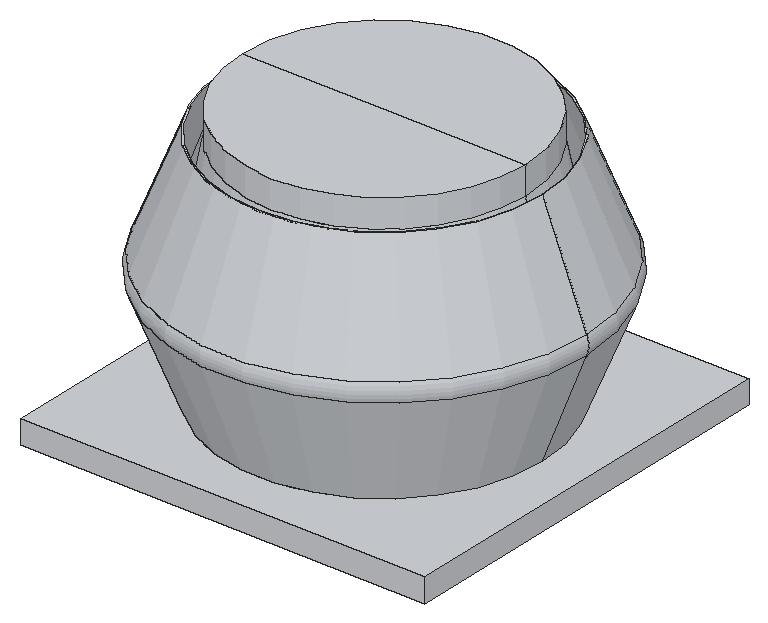
Revit family "M_Centrifugal Fan -  Rooftop  - Upblast", category Mechanical Equipment, host Face, Revit 2023
Family settings
  Host = Face
  Round Connector Dimension = Use Diameter
  Part Type = Normal
  Cut with Voids When Loaded = No
  Maintain Annotation Orientation = No
  Shared = No
  Room Calculation Point = No
Parameters (values of type "1383-2808 LPS")
  Voltage = 460 V
  External Static Presure [instance] = 124.0 Pa
  Radius 1 = Diameter 1 / 2  # 431.8 mm
  Radius 2 = Diameter 2 / 2  # 440 mm
  RPM = 1303
  Overall Height = 770 mm
  Number of Poles = 3
  Half Outlet Radius = Outlet Width / 2  # 325 mm
  Half Exhaust Inlet Height = Outlet Width / 2  # 325 mm
  Air Flow [instance] = 2808.0 L/s
  Fan Radius = 550 mm
  Fan Material = none
  Fan Height = 648 mm
  Fan Diameter = Fan Radius * 2  # 1100 mm
  Outlet Width = 650 mm
  Outlet Height = Outlet Width  # 650 mm
  Diameter 2 = 0.8 * Fan Diameter  # 880 mm
  Diameter 1 = 863.6 mm
  Default Elevation = 1200 mm
  Cap Radius = Cap Diameter / 2  # 385 mm
  Cap Diameter = 0.7 * Fan Diameter  # 770 mm
  Base Width = Fan Diameter  # 1100 mm
  Apparent Load = 1250 VA
Reference planes
  plane 1 "Center (Front/Back)": y = 0
  plane 2: z = 0
  plane 3 "Center (Left/Right)": x = 0
  plane 4: y = 550
  plane 5: y = -550
  plane 6: z = 63.5
  plane 7: z = 770
  plane 8: z = 693.8
  plane 9: z = 711.5
  plane 10: x = -431.8
  plane 11: z = 387.5
  plane 12: x = -550
  plane 13: z = 412.9
  plane 14: z = 362.1
  plane 15: x = 385
  plane 16: x = 440
  plane 17: x = -428.625
  plane 18: x = -546.825
  plane 19: x = -550
  plane 20: x = 550
  plane 21: x = -325
  plane 22: x = 325
  plane 23: y = 325
  plane 24: y = -325
Forms (mm)
  Extrusion 1, solid, material <- "Fan Material"
    sketch origin (0, 0, 0) x (1, 0, 0) y (0, 1, 0)
      loop
        line (-550, 550) -> (-550, -550) -> (550, -550) -> (550, 550) -> (-550, 550)
    from 0 to 63.5
  Extrusion 2, void
    sketch origin (0, 0, 0) x (1, 0, 0) y (0, 1, 0)
      loop
        circle (0, 0) r 325
    from 0 to 412.9
  Revolve 3, solid, material <- "Fan Material"
    sketch origin (0, 0, 0) x (1, 0, 0) y (0, 0, 1)
      loop
        line (0, 711.5) -> (-431.8, 711.5) -> (-550, 412.9)
        arc (-550, 412.9) -> (-555.653, 387.5) -> (-550, 362.1) r 59.891
        line (-550, 362.1) -> (-431.8, 63.5) -> (0, 63.5) -> (0, 711.5)
      axis (0, 711.5) -> (0, 63.5)
    angle from 0 to 360
  Revolve 4, void
    sketch origin (0, 0, 0) x (1, 0, 0) y (0, 0, 1)
      loop
        line (0, 711.5) -> (-428.625, 711.5) -> (-546.825, 412.9) -> (0, 412.9) -> (0, 711.5)
      axis (0, 711.5) -> (0, 412.9)
    angle from 0 to 360
  Revolve 5, solid, material <- "Fan Material"
    sketch origin (0, 0, 0) x (1, 0, 0) y (0, 0, 1)
      loop
        line (440, 412.9) -> (385, 693.8) -> (385, 770) -> (0, 770) -> (0, 412.9) -> (440, 412.9)
      axis (0, 770) -> (0, 412.9)
    angle from 0 to 360
Cuts and joins
  Extrusion 2 cuts Extrusion 1
  Revolve 4 cuts Revolve 3
  joined: Extrusion 1, Revolve 3, Revolve 5
Lines and regions (mm)
  symbolic lines
    curve 1: line (-550, 550, 0) -> (550, 550, 0)
    curve 2: line (-550, -550, 0) -> (-550, 550, 0)
    curve 3: line (550, -550, 0) -> (-550, -550, 0)
    curve 4: line (550, 550, 0) -> (550, -550, 0)
    curve 9: circle (0, 0, 0) r 550 normal (0, 0, 1)
  symbolic lines, detail levels coarse+medium
    curve 5: line (-325, 325, 0) -> (325, 325, 0)
    curve 6: line (-325, -325, 0) -> (-325, 325, 0)
    curve 7: line (325, -325, 0) -> (-325, -325, 0)
    curve 8: line (325, 325, 0) -> (325, -325, 0)
    curve 10: line (-325, 325, 0) -> (325, -325, 0)
    curve 11: line (325, 325, 0) -> (-325, -325, 0)
  symbolic lines, detail levels fine
    curve 12: circle (0, 0, 0) r 440 normal (0, 0, 1)
    curve 13: circle (0, 0, 0) r 385 normal (0, 0, 1)
    curve 14: circle (0, 0, 0) r 325 normal (0, 0, 1)
Dimensions and locks
  equal spacing: plane 4, plane 1 "Center (Front/Back)", plane 5
  locked: plane 6 to plane 2 at 63.5
  locked: plane 7 to plane 8 at 76.2
  "Fan Height": plane 9 to plane 6
  "Radius 1": plane 3 "Center (Left/Right)" to plane 10
  "Fan Radius": plane 3 "Center (Left/Right)" to plane 12
  equal spacing: plane 9, plane 11, plane 6
  plane 13 to plane 11 to plane 14 = 25.4 mm locked, 25.4 mm locked
  "Cap Radius": plane 15 to plane 3 "Center (Left/Right)"
  "Radius 2": plane 16 to plane 3 "Center (Left/Right)"
  locked: plane 17 to plane 10 at 3.175
  locked: plane 18 to plane 12 at 3.175
  "Fan Radius": plane 4 to plane 1 "Center (Front/Back)"
  equal spacing: plane 19, plane 3 "Center (Left/Right)", plane 20
  "Fan Radius": plane 19 to plane 3 "Center (Left/Right)"
  "Overall Height": plane 7 to plane 2
  equal spacing: plane 21, plane 3 "Center (Left/Right)", plane 22
  "Outlet Width": plane 21 to plane 22
  equal spacing: plane 24, plane 1 "Center (Front/Back)", plane 23
  "Outlet Height": plane 24 to plane 23
  "Half Exhaust Inlet Height": radius of Extrusion 2 sketch curve
  "Fan Radius": radius of curve 9
  "Radius 2": radius of curve 12
  "Cap Radius": radius of curve 13
  "Half Exhaust Inlet Height": radius of curve 14
  aligned and locked: host face to plane 2
  aligned and locked: host face to level
  aligned and locked: Extrusion 1 sketch curve to plane 4
  aligned and locked: plane 5 to Extrusion 1 sketch curve
  aligned and locked: plane 6 to Extrusion 1
  aligned and locked: plane 3 "Center (Left/Right)" to Extrusion 2 sketch curve
  aligned and locked: plane 1 "Center (Front/Back)" to Extrusion 2 sketch curve
  aligned and locked: plane 13 to Extrusion 2
  aligned and locked: Revolve 3 sketch curve to Revolve 3 sketch curve
  aligned and locked: Revolve 4 sketch curve to Revolve 4 sketch curve
  aligned and locked: plane 13 to Revolve 4 sketch curve
  aligned and locked: Revolve 5 sketch curve to Revolve 5 sketch curve
  aligned and locked: Extrusion 1 to plane 20
  aligned and locked: Extrusion 1 to plane 19
  aligned and locked: plane 21 to curve 5
  aligned and locked: plane 23 to curve 5
  aligned and locked: plane 24 to curve 8
  aligned and locked: curve 8 to plane 22
  aligned and locked: plane 3 "Center (Left/Right)" to curve 9
  aligned and locked: plane 1 "Center (Front/Back)" to curve 9
  aligned and locked: Extrusion 2 to level
Automatic sketch dimensions
  Revolve 3 sketch curve to plane 12 = 0 mm  (x2)
  Revolve 3 sketch curve to plane 11 = 0 mm
  Revolve 3 sketch curve to plane 6 = 0 mm  (x2)
  Revolve 3 sketch curve to plane 10 = 0 mm  (x2)
  Revolve 3 sketch curve to plane 9 = 0 mm  (x2)
  Revolve 3 sketch curve to plane 3 "Center (Left/Right)" = 0 mm
  Revolve 3 sketch curve to plane 14 = 0 mm
  plane 12 to Revolve 3 sketch curve = 54.238 mm
  Revolve 4 sketch curve to plane 18 = 0 mm
  Revolve 4 sketch curve to plane 9 = 0 mm  (x2)
  Revolve 4 sketch curve to plane 17 = 0 mm
  Revolve 4 sketch curve to plane 3 "Center (Left/Right)" = 0 mm
  Revolve 4 sketch curve to plane 13 = 0 mm
  Revolve 5 sketch curve to plane 3 "Center (Left/Right)" = 0 mm
  Revolve 5 sketch curve to plane 7 = 0 mm  (x2)
  Revolve 5 sketch curve to plane 15 = 0 mm
  Revolve 5 sketch curve to plane 13 = 0 mm  (x2)
  Revolve 5 sketch curve to plane 16 = 0 mm
  Revolve 5 sketch curve to plane 8 = 0 mm
  Extrusion 1 sketch curve to plane 12 = 0 mm
  plane 16 to Extrusion 1 sketch curve = 110 mm
  host sketch curve to host sketch curve = 4565.862 mm
  host sketch curve to host sketch curve = 4101.92 mm
  curve 9 to curve 12 = 0 mm  (x2)
  curve 9 to curve 13 = 0 mm  (x2)
  curve 9 to curve 14 = 0 mm  (x2)
  plane 5 to curve 3 = 0 mm
  curve 3 to plane 12 = 0 mm
  curve 3 to plane 20 = 0 mm
  curve 2 to plane 4 = 0 mm
Connectors
  hvac at (0, 0, 63.5), driven by "Air Flow", driven by "Outlet Height", driven by "Outlet Width"
    settings: on cut or joined group of Extrusion 1, Extrusion 2, Revolve 3, Revolve 4, Revolve 5, index 1, duct flow 2808.0 L/s, flow factor 0, pres drop -124.0 Pa, loss coef 0, conn angle 0.00°, conn width 650 mm, conn height 650 mm, conn diameter 609.6 mm, duct sys type 3, conn prof type 1, flow config 0, flow direction 1, loss method 0, conn ref index -1, conn util no, is conn primary yes, conn desc ""
  electrical at (0, 0, 770), driven by "Voltage", driven by "Apparent Load", driven by "Number of Poles"
    settings: on cut or joined group of Extrusion 1, Extrusion 2, Revolve 3, Revolve 4, Revolve 5, index 2, voltage 460 V, apparent load 1250 VA, apparent load phase1 0 VA, apparent load phase2 0 VA, apparent load phase3 0 VA, power factor 0.8, load classification "HVAC", number of poles 3, system type 30, power factor state 1, is connector primary yes, connector utility no, sub classification motor no, connector description ""
